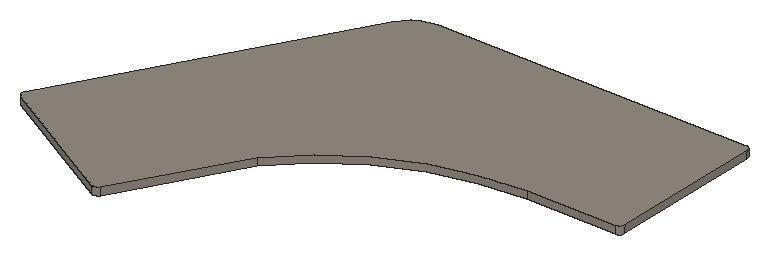
Revit family "Worksurface-Teknion-HNBWTN_Navigate_120-R2016", category Furniture, Revit 2016
Family settings
  OmniClass Number = 23.40.20.00
  OmniClass Title = General Furniture and Specialties
  Work Plane-Based = No
  Always vertical = Yes
  Cut with Voids When Loaded = No
  Shared = No
  Room Calculation Point = No
Parameters (values of type "23" Depth")
  Width [instance] = 46.000"
  Warranty = "http://www.teknion.com/ca/papers/legal-canada"
  URL = "www.teknion.com"
  Surface Finish [instance] = Veneer - Teknion - Q9 - Mercurial Walnut
  Series = "Navigate Height-Adjustable Bench"  # constant formula
  Round Corners Cut Hole Depth [instance] = if(Has Rounded Corner, 12.000", 5.000")  # 12.000"
  Product Page URL = "https://www.teknion.com/ca/products/product-details?productlineid=1afbcd6e-8e7a-673b-a6c8-ff05004460c4"
  Product Line = "Navigate Height-Adjustable Bench"  # constant formula
  Product Documentation Link = "https://www.teknion.com/pricing/hab/pdfs/HNBWTN_ppg.pdf"
  Part Number = "HNBWTN"  # constant formula
  Model = "HNBWTN23___"
  Manufacturer Phone = "416-661-3370"  # constant formula
  Manufacturer Fax = "416.661.4586"  # constant formula
  Manufacturer Contact Information = "http://www.teknion.com/ca/contactus"
  Manufacturer Address = "1150 Flint Road, Toronto, ON. M3J 2J5. Canada"  # constant formula
  Manufacturer = "Teknion"  # constant formula
  Height [instance] = 29.000"
  Has Square Corner Profile [instance] = not(Has Rounded Corner)  # no
  Has Rounded Corner [instance] = yes
  Description = "Navigate 120 Worksurface, 23\" Depth"
  Depth = 23.000"
  Available Widths [instance] = "46, 52, 58 inches."  # constant formula
  Available Heights [instance] = "22.6 inches to 48.7 inches."  # constant formula
  Available Depths = "22, 23, 28, 29 inches."  # constant formula
  Actual Width [instance] = if(or(Width = 52.000", Width = 46.000"), Width + 0.134", 57.557")  # 46.134"
  Actual Depth = Depth - 0.500"  # 22.500"
Types (5): name | Model | Description | Depth | Actual Depth
  (no name) | "HNBWTN23___" | "Navigate 120 Worksurface, 23\" Depth" | 23.000" | 22.500"
  28" Depth | "HNBWTN28___" | "Navigate 120 Worksurface, 28\" Depth" | 28.000" | 27.500"
  29" Depth | "HNBWTN29___" | "Navigate 120 Worksurface, 29\" Depth" | 29.000" | 28.500"
  23" Depth | "HNBWTN23___" | "Navigate 120 Worksurface, 23\" Depth" | 23.000" | 22.500"
  22" Depth | "HNBWTN22___" | "Navigate 120 Worksurface, 22\" Depth" | 22.000" | 21.500"
Reference planes (in)
  plane 1 "Center Front/Back": y = 0.14033
  plane 2: z = 0
  plane 3: through (-23.50358, -32.68788, 48) normal (-0.866, 0.5, 0)
  plane 4: z = 29
  plane 5: z = 28
  plane 6: z = 36
  plane 7: through (-11.05181, 11.38667, 48) normal (0.866, 0.5, 0)
Forms (in)
  Sweep 1, solid, material "Veneer - Teknion - Q9 - Mercurial Walnut" <- "Surface Finish"
    path origin (0, 0.14033, 0) x (1, 0, 0) y (0, 0, 1)
      loop
        line (7.49463, 28) -> (7.49463, 29)
    profile origin (7.49463, 0.14033, 28.5) x (-1, 0, 0) y (0, -1, 0)
      loop
        line (-27.59398, -11.25) -> (18.54002, -11.25) -> (41.60702, 28.70322) -> (22.12145, 39.95322) -> (12.69779, 23.63096)
        arc (12.69779, 23.63096) -> (0.37176, 14.48962) -> (-14.62824, 11.25) r 36.34613
        line (-14.62824, 11.25) -> (-27.59398, 11.25) -> (-27.59398, -11.25)
  Sweep 2, void
    path origin (0.28868, 0.14033, 0) x (1, 0, 0) y (0, 0, 1)
      loop
        line (-7.16195, 36) -> (-7.16195, 24)
    profile origin (-6.87328, 0.14033, 30) x (0, -1, 0) y (1, 0, 0)
      loop
        line (28.0554, -26.86509) -> (27.8054, -27.29811) -> (28.88623, -27.92212) -> (29.51024, -26.8413) -> (29.07723, -26.5913)
        arc (29.07723, -26.5913) -> (28.62302, -26.93982) -> (28.0554, -26.86509) r 0.74803
      loop
        line (39.5792, -8.40135) -> (40.01221, -8.65135) -> (40.63623, -7.57053) -> (39.5554, -6.94651) -> (39.3054, -7.37952)
        arc (39.3054, -7.37952) -> (39.65393, -7.83373) -> (39.5792, -8.40135) r 0.74803
  Sweep 3, void
    path origin (0, 0.14033, 0) x (1, 0, 0) y (0, 0, 1)
      loop
        line (-7.16195, 36) -> (-7.16195, 24)
    profile origin (-7.16195, 0.14033, 30) x (0, -1, 0) y (1, 0, 0)
      loop
        arc (-11.25, 41.50253) -> (-11.03091, 42.03147) -> (-10.50197, 42.25056) r 0.74803
        line (-10.50197, 42.25056) -> (-10.50197, 42.75056) -> (-11.75, 42.75056) -> (-11.75, 41.50253) -> (-11.25, 41.50253)
      loop
        line (11.25, 41.50253) -> (11.75, 41.50253) -> (11.75, 42.75056) -> (10.50197, 42.75056) -> (10.50197, 42.25056)
        arc (10.50197, 42.25056) -> (11.03091, 42.03147) -> (11.25, 41.50253) r 0.74803
  Sweep 4, void
    path origin (0, 0.14033, 0) x (1, 0, 0) y (0, 0, 1)
      loop
        line (-7.16195, 36) -> (-7.16195, 24)
    profile origin (-7.16195, 0.14033, 30) x (0, -1, 0) y (1, 0, 0)
      loop
        arc (-8.75, -5.32681) -> (-10.58013, -3.49668) -> (-11.25, -0.99668) r 5
        line (-11.25, -0.99668) -> (-12.75, -0.99668) -> (-12.75, -5.32681) -> (-8.75, -5.32681)
Cuts and joins
  Sweep 2, Sweep 3, Sweep 4 cuts Sweep 1
Lines and regions (in)
  Masking region 1, visible <- "Has Square Corner Profile"
    outline origin (0, 0, 0) x (1, 0, 0) y (0, 1, 0)
      loop
        line (-34.11239, -28.56288) -> (-14.62682, -39.81288) -> (-5.20316, -23.49063)
        arc (-5.20316, -23.49063) -> (7.12287, -14.34928) -> (22.12287, -11.10967) r 36.34613
        line (22.12287, -11.10967) -> (35.08861, -11.10967) -> (35.08861, 11.39033) -> (-8.15864, 11.39033)
        arc (-8.15864, 11.39033) -> (-10.65864, 10.72046) -> (-12.48876, 8.89033) r 5
        line (-12.48876, 8.89033) -> (-34.11239, -28.56288)
  Masking region 2, visible <- "Has Rounded Corner"
    outline origin (0, 0, 0) x (1, 0, 0) y (0, 1, 0)
      loop
        line (34.34058, 11.39033) -> (-8.15864, 11.39033)
        arc (-8.15864, 11.39033) -> (-10.65864, 10.72046) -> (-12.48876, 8.89033) r 5
        line (-12.48876, 8.89033) -> (-33.73837, -27.91507)
        arc (-33.73837, -27.91507) -> (-33.8131, -28.48269) -> (-33.46457, -28.9369) r 0.74803
        line (-33.46457, -28.9369) -> (-15.27463, -39.43887)
        arc (-15.27463, -39.43887) -> (-14.70701, -39.51359) -> (-14.2528, -39.16507) r 0.74803
        line (-14.2528, -39.16507) -> (-5.20316, -23.49063)
        arc (-5.20316, -23.49063) -> (7.12287, -14.34928) -> (22.12287, -11.10967) r 36.34613
        line (22.12287, -11.10967) -> (34.34058, -11.10967)
        arc (34.34058, -11.10967) -> (34.86952, -10.89057) -> (35.08861, -10.36163) r 0.74803
        line (35.08861, -10.36163) -> (35.08861, 10.6423)
        arc (35.08861, 10.6423) -> (34.86952, 11.17124) -> (34.34058, 11.39033) r 0.74803
  reference lines, not visible
    curve 1: line (-34.11239, -28.56288, 0) -> (-11.04539, 11.39033, 0)
    curve 2: line (-5.20316, -23.49063, 0) -> (-14.62682, -39.81288, 0)
    curve 3: line (35.08861, -11.10967, 0) -> (22.12287, -11.10967, 0)
    curve 4: line (35.08861, 11.39033, 0) -> (35.08861, -11.10967, 0)
    curve 5: line (-11.04539, 11.39033, 0) -> (35.08861, 11.39033, 0)
    curve 6: line (-14.62682, -39.81288, 0) -> (-34.11239, -28.56288, 0)
    curve 7: arc (-5.20316, -23.49063, 0) -> (7.12287, -14.34928, 0) -> (22.12287, -11.10967, 0) r 36.34613
    curve 8: line (35.08861, 11.39033, 0) -> (-11.04539, 11.39033, 0)
    curve 9: line (-11.04539, 11.39033, 0) -> (-34.11239, -28.56288, 0)
    curve 10: line (-34.11239, -28.56288, 0) -> (-14.62682, -39.81288, 0)
    curve 11: line (-14.62682, -39.81288, 0) -> (-5.20316, -23.49063, 0)
    curve 12: arc (-5.20316, -23.49063, 0) -> (7.12287, -14.34928, 0) -> (22.12287, -11.10967, 0) r 36.34613
    curve 13: line (22.12287, -11.10967, 0) -> (35.08861, -11.10967, 0)
    curve 14: line (35.08861, -11.10967, 0) -> (35.08861, 11.39033, 0)
Dimensions and locks (in)
  equal spacing: curve 3, plane 1 "Center Front/Back", curve 5
  equal spacing: curve 1, plane 3, curve 2
  "Actual Depth": curve 2 to curve 1
  "Actual Depth": curve 3 to curve 5
  "Actual Width": curve 5 to curve 6
  "Actual Width": curve 5 to curve 4
  locked: curve 7 to curve 5 at 67.54998
  locked: curve 7 to curve 7 at 30
  locked: plane 4 to plane 5 at 1
  "Height": plane 4 to level
  locked: plane 6 to plane 4 at 7
  "Round Corners Cut Hole Depth": plane 6 to Sweep 2 sketch curve
  "Round Corners Cut Hole Depth": plane 6 to Sweep 3 sketch curve
  locked: Sweep 3 sketch curve to Sweep 1 at 0.74803  (x2)
  locked: Sweep 3 sketch curve to Sweep 3 sketch curve at 1.05788  (x2)
  locked: Sweep 1 to Sweep 3 sketch curve at 0.74803
  locked: Sweep 1 sketch curve to Sweep 1 sketch curve at 30
  locked: curve 5 to Sweep 3 sketch curve at 0.5
  locked: curve 4 to Sweep 3 sketch curve at 0.5  (x2)
  locked: Sweep 3 sketch curve to curve 5 at 0.74803
  locked: curve 3 to Sweep 3 sketch curve at 0.5
  Sweep 2 sketch curve to Sweep 2 sketch curve to curve 6 to Sweep 2 sketch curve = 0.000" locked, 0.74803" locked, 0.500" locked  (x2)
  Sweep 2 sketch curve to Sweep 2 sketch curve to curve 1 to Sweep 2 sketch curve = 0.000" locked, 0.74803" locked, 0.500" locked
  Sweep 2 sketch curve to Sweep 2 sketch curve to curve 2 to Sweep 2 sketch curve = 0.000" locked, 0.74803" locked, 0.500" locked
  locked: Masking region 1 sketch curve to Masking region 1 sketch curve at 30
  locked: Sweep 4 sketch curve to Sweep 4 sketch curve at 5
  locked: Sweep 4 sketch curve to Sweep 4 sketch curve at 4.33013
  locked: Sweep 4 sketch curve to curve 5 at 1.44338
  locked: Sweep 4 sketch curve to curve 8 at 1.5
  locked: curve 9 to Sweep 4 sketch curve at 5
  locked: plane 6 to Sweep 4 sketch curve at 12
  locked: curve 8 to Masking region 1 sketch curve at 5
  locked: curve 9 to Masking region 1 sketch curve at 5
  locked: Masking region 1 sketch curve to Masking region 1 sketch curve at 5
  locked: curve 9 to Masking region 2 sketch curve at 5
  locked: curve 8 to Masking region 2 sketch curve at 5
  locked: Masking region 2 sketch curve to Masking region 2 sketch curve at 30
  locked: Masking region 2 sketch curve to Masking region 2 sketch curve at 0.74803  (x2)
  locked: curve 13 to Masking region 2 sketch curve at 0.74803
  locked: Masking region 2 sketch curve to curve 14 at 0.74803
  locked: curve 10 to Masking region 2 sketch curve at 0.74803
  locked: curve 9 to Masking region 2 sketch curve at 0.74803
  radius of Sweep 1 sketch curve = 36.34613"
  aligned and locked: level to plane 2
  aligned and locked: plane 4 to Sweep 1 sketch curve
  aligned and locked: plane 5 to Sweep 1 sketch curve
  aligned and locked: Sweep 1 sketch curve to curve 3
  aligned and locked: Sweep 1 sketch curve to curve 7
  aligned and locked: Sweep 1 sketch curve to curve 6
  aligned and locked: Sweep 1 sketch curve to curve 1
  aligned and locked: plane 6 to Sweep 2 sketch curve
  aligned and locked: Sweep 2 to plane 6
  aligned and locked: plane 6 to Sweep 3 sketch curve
  aligned and locked: Sweep 1 sketch curve to curve 4
  aligned and locked: Sweep 1 sketch curve to curve 5
  aligned and locked: Masking region 1 sketch curve to curve 1
  aligned and locked: curve 5 to Masking region 1 sketch curve
  aligned and locked: Masking region 1 sketch curve to curve 4
  aligned and locked: Masking region 1 sketch curve to curve 3
  aligned and locked: Masking region 1 sketch curve to curve 7
  aligned and locked: Masking region 1 sketch curve to curve 6
  aligned and locked: curve 8 to cut or joined group of Sweep 1, Sweep 2, Sweep 3, Sweep 4
  aligned and locked: curve 9 to cut or joined group of Sweep 1, Sweep 2, Sweep 3, Sweep 4
  aligned and locked: curve 10 to cut or joined group of Sweep 1, Sweep 2, Sweep 3, Sweep 4
  aligned and locked: curve 11 to cut or joined group of Sweep 1, Sweep 2, Sweep 3, Sweep 4
  aligned and locked: curve 12 to cut or joined group of Sweep 1, Sweep 2, Sweep 3, Sweep 4
  aligned and locked: curve 13 to cut or joined group of Sweep 1, Sweep 2, Sweep 3, Sweep 4
  aligned and locked: curve 14 to cut or joined group of Sweep 1, Sweep 2, Sweep 3, Sweep 4
  aligned and locked: plane 6 to Sweep 4 sketch curve
  aligned and locked: curve 8 to Masking region 2 sketch curve
  aligned and locked: curve 10 to Masking region 2 sketch curve
  aligned and locked: curve 14 to Masking region 2 sketch curve
  aligned and locked: Masking region 2 sketch curve to curve 12
  aligned and locked: Masking region 2 sketch curve to cut or joined group of Sweep 1, Sweep 2, Sweep 3, Sweep 4
Automatic sketch dimensions
  Sweep 2 sketch curve to Sweep 2 sketch curve = 0.250"  (x2)
  Masking region 2 sketch curve to Masking region 2 sketch curve = 4.33013"
  Masking region 2 sketch curve to Masking region 2 sketch curve = 0.64781"
  Masking region 2 sketch curve to Masking region 2 sketch curve = 0.2738"
  Masking region 2 sketch curve to Masking region 2 sketch curve = 0.37402"
  Masking region 2 sketch curve to Masking region 2 sketch curve = 1.02183"
